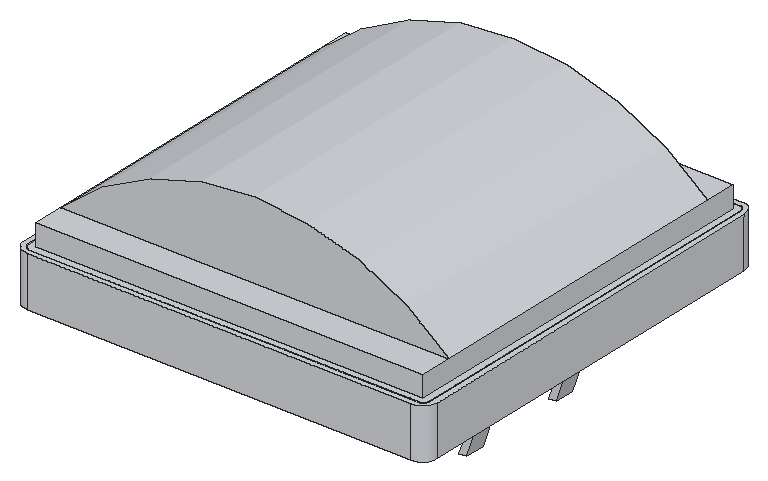
Revit family "Gira_537426", category Electrical Fixtures, host Face, Revit 2017
Family settings
  Host = Face
  Maintain Annotation Orientation = Yes
  Round Connector Dimension = Use Diameter
  Part Type = Normal
  Cut with Voids When Loaded = No
  Shared = No
  Room Calculation Point = No
Parameters (values of type "S3000 Beweg.m.aufs. 1,10 m Komfort BT System 55 F Alu")
  Werkstoffgüte = "sonstige"
  Werkstoff = "sonstige"
  Vernetzbar = "Yes"
  Unterkriechschutz/Rückfeldüberwachung = "No"
  URL = "http://katalog.gira.de/de_DE/datenblatt.html?artikelnr=537426"
  Treppenhausüberwachung = "Yes"
  Tierschneise = "Yes"
  Teach-Funktion für Ansprechhelligkeit = "No"
  Region = "DE"
  Name = "S3000 Beweg.m.aufs. 1,10 m Komfort BT System 55 F Alu"
  Montagehöhe = "1,1 m"
  Montageart = "unter Putz"
  Min. Einschaltdauer = "10 s"
  Max. Reichweite zu einer Seite = "6 m"
  Max. Reichweite frontal = "10 m"
  Max. Einschaltdauer = "1800 s"
  Manufacturer URL = "https://www.gira.de/"
  Konstantlichtregelung = "No"
  Keynote = "Bewegungsmelder_1,10m"
  HeinzeBIM = "https://bimportal.heinze.de/bim/s3000-beweg-m-aufs-1-10-m-komfort-bt-system-55-f-alu/ca79a013eef3767f0f9b2a2dec9c9b8c5e0718e9"
  Halogenfrei = "No"
  HLK-Ansteuerung = "No"
  HAN = "537426"
  Geeignet für drahtlose Übertragung = "No"
  Geeignet für Schutzart (IP) = "IP20"
  GTIN = "4010337048992"
  Farbe = "aluminium"
  Erfassungswinkel horizontal = "1 - 180"
  Default Elevation = 1219.2 mm
  Data sheet (1) = "https://katalog.gira.de/de_DE/download.html?artikelnr=537426"
  Category = "Bewegungsmelder-Sensor"
  Available = "Yes"
  Ausführung = "Bewegungsmelder"
  Ansprechhelligkeit einstellbar = "No"
  Ansprechempfindlichkeit einstellbar = "Yes"
  Abdimmfunktion mit Dimmeinsatz = "No"
Reference planes
  plane 1 "Center (Front/Back)": y = 0
  plane 2: z = 0
  plane 3 "Center (Left/Right)": x = 0
Forms (mm)
  Extrusion 1, solid, detail levels fine
    sketch origin (0, 0, 0) x (1, 0, 0) y (0, 0, 1)
      loop
        line (-33.025, 12.126) -> (33.025, 12.126)
        arc (33.025, 12.126) -> (0, 25.3) -> (-33.025, 12.126) r 47.982
    from -27.6 to 27.6
  Extrusion 2, solid, detail levels fine
    sketch origin (0, 0, 0) x (1, 0, 0) y (0, 1, 0)
      loop
        line (33.025, 33.025) -> (-33.025, 33.025) -> (-33.025, -33.025) -> (33.025, -33.025) -> (33.025, 33.025)
    from 8.55 to 12.126
  Extrusion 3, solid, detail levels fine
    sketch origin (0, 0, 0) x (1, 0, 0) y (0, 1, 0)
      loop
        spline (-32.7, 35.2) -> (-33.027, 35.179) -> (-33.347, 35.115) -> (-33.657, 35.01) -> (-33.95, 34.865) -> (-34.222, 34.683) -> (-34.468, 34.468) -> (-34.683, 34.222) -> (-34.865, 33.95) -> (-35.01, 33.657) -> (-35.115, 33.347) -> (-35.179, 33.027) -> (-35.2, 32.7)
        line (-35.2, 32.7) -> (-35.2, -32.7)
        spline (-35.2, -32.7) -> (-35.179, -33.027) -> (-35.115, -33.347) -> (-35.01, -33.657) -> (-34.865, -33.95) -> (-34.683, -34.222) -> (-34.468, -34.468) -> (-34.222, -34.683) -> (-33.95, -34.865) -> (-33.657, -35.01) -> (-33.347, -35.115) -> (-33.027, -35.179) -> (-32.7, -35.2)
        line (-32.7, -35.2) -> (32.7, -35.2)
        spline (32.7, -35.2) -> (33.027, -35.179) -> (33.347, -35.115) -> (33.657, -35.01) -> (33.95, -34.865) -> (34.222, -34.683) -> (34.468, -34.468) -> (34.683, -34.222) -> (34.865, -33.95) -> (35.01, -33.657) -> (35.115, -33.347) -> (35.179, -33.027) -> (35.2, -32.7)
        line (35.2, -32.7) -> (35.2, 32.7)
        spline (35.2, 32.7) -> (35.179, 33.027) -> (35.115, 33.347) -> (35.01, 33.657) -> (34.865, 33.95) -> (34.683, 34.222) -> (34.468, 34.468) -> (34.222, 34.683) -> (33.95, 34.865) -> (33.657, 35.01) -> (33.347, 35.115) -> (33.027, 35.179) -> (32.7, 35.2)
        line (32.7, 35.2) -> (-32.7, 35.2)
      loop
        line (-34.2, 33.2) -> (-34.2, -33.2)
        spline (-34.2, -33.2) -> (-34.191, -33.331) -> (-34.166, -33.459) -> (-34.124, -33.583) -> (-34.066, -33.7) -> (-33.993, -33.809) -> (-33.907, -33.907) -> (-33.809, -33.993) -> (-33.7, -34.066) -> (-33.583, -34.124) -> (-33.459, -34.166) -> (-33.331, -34.191) -> (-33.2, -34.2)
        line (-33.2, -34.2) -> (33.2, -34.2)
        spline (33.2, -34.2) -> (33.331, -34.191) -> (33.459, -34.166) -> (33.583, -34.124) -> (33.7, -34.066) -> (33.809, -33.993) -> (33.907, -33.907) -> (33.993, -33.809) -> (34.066, -33.7) -> (34.124, -33.583) -> (34.166, -33.459) -> (34.191, -33.331) -> (34.2, -33.2)
        line (34.2, -33.2) -> (34.2, 33.2)
        spline (34.2, 33.2) -> (34.191, 33.331) -> (34.166, 33.459) -> (34.124, 33.583) -> (34.066, 33.7) -> (33.993, 33.809) -> (33.907, 33.907) -> (33.809, 33.993) -> (33.7, 34.066) -> (33.583, 34.124) -> (33.459, 34.166) -> (33.331, 34.191) -> (33.2, 34.2)
        line (33.2, 34.2) -> (-33.2, 34.2)
        spline (-33.2, 34.2) -> (-33.331, 34.191) -> (-33.459, 34.166) -> (-33.583, 34.124) -> (-33.7, 34.066) -> (-33.809, 33.993) -> (-33.907, 33.907) -> (-33.993, 33.809) -> (-34.066, 33.7) -> (-34.124, 33.583) -> (-34.166, 33.459) -> (-34.191, 33.331) -> (-34.2, 33.2)
    from 0 to 8.55
  Extrusion 4, solid, detail levels fine
    sketch origin (0, 0, 0) x (1, 0, 0) y (0, 1, 0)
      loop
        line (-34.2, 33.2) -> (-34.2, -33.2)
        spline (-34.2, -33.2) -> (-34.191, -33.331) -> (-34.166, -33.459) -> (-34.124, -33.583) -> (-34.066, -33.7) -> (-33.993, -33.809) -> (-33.907, -33.907) -> (-33.809, -33.993) -> (-33.7, -34.066) -> (-33.583, -34.124) -> (-33.459, -34.166) -> (-33.331, -34.191) -> (-33.2, -34.2)
        line (-33.2, -34.2) -> (33.2, -34.2)
        spline (33.2, -34.2) -> (33.331, -34.191) -> (33.459, -34.166) -> (33.583, -34.124) -> (33.7, -34.066) -> (33.809, -33.993) -> (33.907, -33.907) -> (33.993, -33.809) -> (34.066, -33.7) -> (34.124, -33.583) -> (34.166, -33.459) -> (34.191, -33.331) -> (34.2, -33.2)
        line (34.2, -33.2) -> (34.2, 33.2)
        spline (34.2, 33.2) -> (34.191, 33.331) -> (34.166, 33.459) -> (34.124, 33.583) -> (34.066, 33.7) -> (33.993, 33.809) -> (33.907, 33.907) -> (33.809, 33.993) -> (33.7, 34.066) -> (33.583, 34.124) -> (33.459, 34.166) -> (33.331, 34.191) -> (33.2, 34.2)
        line (33.2, 34.2) -> (-33.2, 34.2)
        spline (-33.2, 34.2) -> (-33.331, 34.191) -> (-33.459, 34.166) -> (-33.583, 34.124) -> (-33.7, 34.066) -> (-33.809, 33.993) -> (-33.907, 33.907) -> (-33.993, 33.809) -> (-34.066, 33.7) -> (-34.124, 33.583) -> (-34.166, 33.459) -> (-34.191, 33.331) -> (-34.2, 33.2)
    from 6.175 to 8.55
  Extrusion 5, solid, detail levels fine
    sketch origin (0, 0, 0) x (1, 0, 0) y (0, 1, 0)
      loop
        spline (-27.7, -27.1) -> (-27.696, -27.165) -> (-27.683, -27.229) -> (-27.662, -27.291) -> (-27.633, -27.35) -> (-27.597, -27.404) -> (-27.554, -27.454) -> (-27.504, -27.497) -> (-27.45, -27.533) -> (-27.391, -27.562) -> (-27.329, -27.583) -> (-27.265, -27.596) -> (-27.2, -27.6)
        line (-27.2, -27.6) -> (27.2, -27.6)
        spline (27.2, -27.6) -> (27.265, -27.596) -> (27.329, -27.583) -> (27.391, -27.562) -> (27.45, -27.533) -> (27.504, -27.497) -> (27.554, -27.454) -> (27.597, -27.404) -> (27.633, -27.35) -> (27.662, -27.291) -> (27.683, -27.229) -> (27.696, -27.165) -> (27.7, -27.1)
        line (27.7, -27.1) -> (27.7, 27.1)
        spline (27.7, 27.1) -> (27.696, 27.165) -> (27.683, 27.229) -> (27.662, 27.291) -> (27.633, 27.35) -> (27.597, 27.404) -> (27.554, 27.454) -> (27.504, 27.497) -> (27.45, 27.533) -> (27.391, 27.562) -> (27.329, 27.583) -> (27.265, 27.596) -> (27.2, 27.6)
        line (27.2, 27.6) -> (-27.2, 27.6)
        spline (-27.2, 27.6) -> (-27.265, 27.596) -> (-27.329, 27.583) -> (-27.391, 27.562) -> (-27.45, 27.533) -> (-27.504, 27.497) -> (-27.554, 27.454) -> (-27.597, 27.404) -> (-27.633, 27.35) -> (-27.662, 27.291) -> (-27.683, 27.229) -> (-27.696, 27.165) -> (-27.7, 27.1)
        line (-27.7, 27.1) -> (-27.7, -27.1)
      loop
        line (26.9, 26.8) -> (-26.9, 26.8) -> (-26.9, -26.8) -> (26.9, -26.8) -> (26.9, 26.8)
    from 0 to 6.175
  Extrusion 6, solid, detail levels fine
    sketch origin (0, 0, 0) x (1, 0, 0) y (0, 1, 0)
      loop
        line (-15.4, -23.928) -> (15.4, -23.928)
        arc (15.4, -23.928) -> (21.43, -21.43) -> (23.928, -15.4) r 8.528
        line (23.928, -15.4) -> (23.928, 15.4)
        arc (23.928, 15.4) -> (21.43, 21.43) -> (15.4, 23.928) r 8.528
        line (15.4, 23.928) -> (-15.4, 23.928)
        arc (-15.4, 23.928) -> (-21.43, 21.43) -> (-23.928, 15.4) r 8.528
        line (-23.928, 15.4) -> (-23.928, -15.4)
        arc (-23.928, -15.4) -> (-21.43, -21.43) -> (-15.4, -23.928) r 8.528
    from -0.985 to 1.6
  Extrusion 7, solid, detail levels fine
    sketch origin (0, 0, 0) x (1, 0, 0) y (0, 1, 0)
      loop
        line (-26.35, 18.301) -> (-26.35, -18.801)
        spline (-26.35, -18.801) -> (-26.286, -19.78) -> (-26.095, -20.742) -> (-25.779, -21.671) -> (-25.345, -22.551) -> (-24.8, -23.366) -> (-24.154, -24.104) -> (-23.416, -24.75) -> (-22.601, -25.295) -> (-21.721, -25.729) -> (-20.792, -26.045) -> (-19.83, -26.236) -> (-18.851, -26.3)
        line (-18.851, -26.3) -> (18.851, -26.3)
        spline (18.851, -26.3) -> (19.83, -26.236) -> (20.792, -26.045) -> (21.721, -25.729) -> (22.601, -25.295) -> (23.416, -24.75) -> (24.154, -24.104) -> (24.8, -23.366) -> (25.345, -22.551) -> (25.779, -21.671) -> (26.094, -20.742) -> (26.286, -19.78) -> (26.35, -18.801)
        line (26.35, -18.801) -> (26.35, 18.301)
        spline (26.35, 18.301) -> (26.286, 19.28) -> (26.094, 20.242) -> (25.779, 21.171) -> (25.345, 22.051) -> (24.8, 22.866) -> (24.154, 23.604) -> (23.416, 24.25) -> (22.601, 24.795) -> (21.721, 25.229) -> (20.792, 25.545) -> (19.83, 25.736) -> (18.851, 25.8)
        line (18.851, 25.8) -> (-18.851, 25.8)
        spline (-18.851, 25.8) -> (-19.83, 25.736) -> (-20.792, 25.545) -> (-21.721, 25.229) -> (-22.601, 24.795) -> (-23.416, 24.25) -> (-24.154, 23.604) -> (-24.8, 22.866) -> (-25.345, 22.051) -> (-25.779, 21.171) -> (-26.095, 20.242) -> (-26.286, 19.28) -> (-26.35, 18.301)
    from 1.6 to 6.1
  Extrusion 8, solid, detail levels fine
    sketch origin (0, 0, 0) x (1, 0, 0) y (0, 0, 1)
      loop
        line (-23.048, -13.343) -> (-21.665, -13.513) -> (-24.338, -6.363) -> (-23.36, 1.6) -> (-25.023, 1.6) -> (-24.975, -1.121) -> (-25.39, -6.541) -> (-23.048, -13.343)
      loop
        line (23.048, -13.343) -> (25.39, -6.541) -> (24.975, -1.121) -> (25.023, 1.6) -> (23.36, 1.6) -> (24.338, -6.363) -> (21.665, -13.513) -> (23.048, -13.343)
    from 7.9 to 11.14
  Extrusion 9, solid, detail levels fine
    sketch origin (0, 0, 0) x (1, 0, 0) y (0, 0, -1)
      loop
        line (-23.048, 13.343) -> (-25.39, 6.541) -> (-24.975, 1.121) -> (-25.023, -1.6) -> (-23.36, -1.6) -> (-24.338, 6.363) -> (-21.665, 13.513) -> (-23.048, 13.343)
      loop
        line (23.048, 13.343) -> (21.665, 13.513) -> (24.338, 6.363) -> (23.36, -1.6) -> (25.023, -1.6) -> (24.975, 1.121) -> (25.39, 6.541) -> (23.048, 13.343)
    from 7.9 to 11.14
  Extrusion 10, solid, detail levels fine
    sketch origin (0, 0, 0) x (1, 0, 0) y (0, 1, 0)
      loop
        line (-5.141, 20.681) -> (-5.141, 15.099)
        spline (-5.141, 15.099) -> (-5.133, 14.968) -> (-5.107, 14.84) -> (-5.065, 14.716) -> (-5.007, 14.599) -> (-4.935, 14.49) -> (-4.849, 14.391) -> (-4.75, 14.305) -> (-4.641, 14.233) -> (-4.524, 14.175) -> (-4.4, 14.133) -> (-4.272, 14.107) -> (-4.141, 14.099)
        line (-4.141, 14.099) -> (4.141, 14.099)
        spline (4.141, 14.099) -> (4.272, 14.107) -> (4.4, 14.133) -> (4.524, 14.175) -> (4.641, 14.233) -> (4.75, 14.305) -> (4.849, 14.391) -> (4.935, 14.49) -> (5.007, 14.599) -> (5.065, 14.716) -> (5.107, 14.84) -> (5.133, 14.968) -> (5.141, 15.099)
        line (5.141, 15.099) -> (5.141, 20.681)
        spline (5.141, 20.681) -> (5.133, 20.812) -> (5.107, 20.94) -> (5.065, 21.064) -> (5.007, 21.181) -> (4.935, 21.29) -> (4.849, 21.389) -> (4.75, 21.475) -> (4.641, 21.547) -> (4.524, 21.605) -> (4.4, 21.647) -> (4.272, 21.673) -> (4.141, 21.681)
        line (4.141, 21.681) -> (-4.141, 21.681)
        spline (-4.141, 21.681) -> (-4.272, 21.673) -> (-4.4, 21.647) -> (-4.524, 21.605) -> (-4.641, 21.547) -> (-4.75, 21.475) -> (-4.849, 21.389) -> (-4.935, 21.29) -> (-5.007, 21.181) -> (-5.065, 21.064) -> (-5.107, 20.94) -> (-5.133, 20.812) -> (-5.141, 20.681)
    from -17.3 to -0.985
  Extrusion 11, solid, detail levels medium
    sketch origin (0, 0, 0) x (1, 0, 0) y (0, 1, 0)
      loop
        line (33.025, 33.025) -> (-33.025, 33.025) -> (-33.025, -33.025) -> (33.025, -33.025) -> (33.025, 33.025)
    from 8.55 to 25.3
  Extrusion 12, solid, detail levels medium
    sketch origin (0, 0, 0) x (1, 0, 0) y (0, 1, 0)
      loop
        line (-35.2, 35.2) -> (-35.2, -35.2) -> (35.2, -35.2) -> (35.2, 35.2) -> (-35.2, 35.2)
    from 0 to 8.55
  Extrusion 13, solid, detail levels medium
    sketch origin (0, 0, 0) x (1, 0, 0) y (0, 0, 1)
      loop
        line (-25.023, 1.6) -> (-25.023, -13.1) -> (-21.665, -13.513) -> (-21.665, 1.6) -> (-25.023, 1.6)
      loop
        line (25.023, 1.6) -> (21.665, 1.6) -> (21.665, -13.513) -> (25.023, -13.1) -> (25.023, 1.6)
    from 8 to 11.14
  Extrusion 14, solid, detail levels medium
    sketch origin (0, 0, 0) x (1, 0, 0) y (0, 0, -1)
      loop
        line (-25.023, -1.6) -> (-21.665, -1.6) -> (-21.665, 13.513) -> (-25.023, 13.1) -> (-25.023, -1.6)
      loop
        line (25.023, -1.6) -> (25.023, 13.1) -> (21.665, 13.513) -> (21.665, -1.6) -> (25.023, -1.6)
    from 8 to 11.14
  Extrusion 15, solid, detail levels medium
    sketch origin (0, 0, 0) x (1, 0, 0) y (0, 1, 0)
      loop
        line (-5.141, 21.681) -> (-5.141, 14.099) -> (5.141, 14.099) -> (5.141, 21.681) -> (-5.141, 21.681)
    from -17.3 to -0.985
  Extrusion 16, solid, detail levels coarse
    sketch origin (0, 0, 0) x (1, 0, 0) y (0, 1, 0)
      loop
        line (-35.2, 35.2) -> (-35.2, -35.2) -> (35.2, -35.2) -> (35.2, 35.2) -> (-35.2, 35.2)
    from -17.3 to 25.3
Dimensions and locks
  aligned and locked: plane 2 to host face
  aligned and locked: level to host face
  aligned and locked: nested 1 to plane 3 "Center (Left/Right)"
  aligned and locked: plane 1 "Center (Front/Back)" to nested 1
Nested families
  nested 1: "Belegungssensor - Bewegung - Aufputz - Beschriftung" at (0, 0, 0) x (0, -1, 0) z (0, 0, 1), type "Belegungssensor - Bewegung - Aufputz - Beschriftung"
Connectors
  electrical at (0, 0, -17.3)
    settings: on Extrusion 16, index 1, voltage 220 V, apparent load 0 VA, apparent load phase1 0 VA, apparent load phase2 0 VA, apparent load phase3 0 VA, power factor 1, load classification "Other", number of poles 1, system type 30, power factor state 1, is connector primary yes, connector utility no, sub classification motor no, connector description ""
Definition of nested family "Belegungssensor - Bewegung - Aufputz - Beschriftung"
  Reference planes
    plane 1: y = 0
    plane 2: x = 0
  Lines and regions (mm)
    Filled region 1, type "Gefüllter Bereich 1"
      outline origin (143.425, -20.712, 0) x (1, 0, 0) y (0, 1, 0)
        loop
          line (-148.697, 21.204) -> (-148.697, 20.409) -> (-147.583, 20.807) -> (-148.697, 21.204)
    Filled region 2, type "Gefüllter Bereich 1"
      outline origin (141.808, 30.001, 0) x (0.939693, 0.34202, 0) y (-0.34202, 0.939693, 0)
        loop
          line (-148.694, 21.203) -> (-148.694, 20.41) -> (-147.583, 20.807) -> (-148.694, 21.203)
    Filled region 3, type "Gefüllter Bereich 1"
      outline origin (141.819, -29.825, 0) x (-0.34202, -0.939693, 0) y (0.939693, -0.34202, 0)
        loop
          line (21.204, -148.697) -> (20.807, -147.583) -> (20.409, -148.697) -> (21.204, -148.697)
    detail lines
      curve 1: line (-1.207, 0.095, 0) -> (-3.486, 1.411, 0)
      curve 2: line (-1.207, 0.095, 0) -> (-3.486, -1.221, 0)
      curve 5: arc (-3.252, 1.752, 0) -> (-3.839, 0.095, 0) -> (-3.252, -1.562, 0) r 2.632
      curve 6: line (-6, 3, 0) -> (0, 3, 0)
      curve 7: line (-6, -3, 0) -> (-6, 3, 0)
      curve 8: line (0, -3, 0) -> (-6, -3, 0)
      curve 9: line (0, 3, 0) -> (0, -3, 0)
    reference lines
      curve 3: line (-1.207, 0.095, 0) -> (-3.616, 2.046, 0)
      curve 4: line (-1.207, 0.095, 0) -> (-3.616, -1.856, 0)
  Dimensions and locks
    curve 1 to curve 1 = 2.632 mm
    curve 2 to curve 2 = 2.632 mm
    curve 6 to curve 8 = 6 mm
    curve 7 to curve 9 = 6 mm
    angle curve 1 to curve 2 = 60.00°
    aligned and locked: curve 6 to curve 7
    aligned and locked: curve 9 to curve 9
